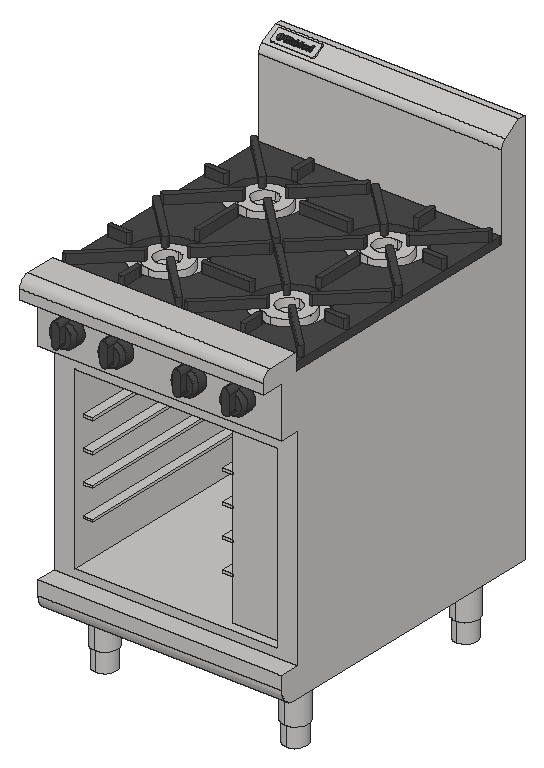
Revit family "QF_MOFFAT WALDORF_RN8400G-CB", category Specialty Equipment, Revit 2012
Parameters
  Weight in Pounds = 176.3696
  URL Cutsheet = "www.moffat.com"
  URL = "www.moffat.com"
  Type Mark [instance] = ""
  Status [instance] = ""
  Specification by User [instance] = ""
  Specification by Manufacturer = ""
  Show Logo [instance] = yes
  Show Casters [instance] = no
  Serial Number = ""
  Seismic Rating = ""
  SMACNA No = ""
  Revision Code [instance] = ""
  Omniclass Number and Title = ""
  NAFEM Spec ID Number = ""
  Model = "RN8400G-CB"
  Mechanical Remarks [instance] = ""
  Mechanical Connection Type [instance] = ""
  Masterspec = ""
  Manufacturer = "MOFFAT WALDORF"
  Legs [instance] = not(Show Casters)  # yes
  Item Number [instance] = ""
  Installed By [instance] = ""
  Identify Quantity as Lot [instance] = yes
  Gas Size = 3/4"
  Gas RI Height [instance] = 0 mm
  Gas KW [instance] = 31
  Gas Input [instance] = 106156.0 Btu/h
  Gas Connection Height = 0 mm
  Furnished By [instance] = ""
  Foodservice Equipment Identifier [instance] = yes
  Description = "COOK TOP GAS ON CABINET BASE"
  CSI MasterFormat = ""
  CSI Master Format = ""
Reference planes
  plane 1 "BACK": y = 0
  plane 2: z = 0
  plane 3 "LEFT": x = 0
  plane 4 "RIGHT": x = 600
  plane 5 "FRONT": y = -805
  plane 6 "TOP": z = 1130
  plane 7 "Center Y": x = 300
  plane 8 "Center X": y = -402.5
  plane 9: x = 65
  plane 10: x = 535
  plane 11: x = 65
  plane 12: x = 535
  plane 13: y = -100
  plane 14: x = 65.8
Forms (mm)
  Extrusion 1, solid, material "QF_Finishes_Stainless Steel"
    sketch origin (0, 0, 0) x (0, 1, 0) y (0, 0, 1)
      loop
        line (-805, 891) -> (-805, 866) -> (-749, 866) -> (-749, 740) -> (-120, 740) -> (-120, 222.5) -> (-749, 222.5) -> (-749, 188)
        arc (-749, 188) -> (-737.87, 161.13) -> (-711, 150) r 38
        line (-711, 150) -> (0, 150) -> (0, 1130) -> (-16.5, 1130) -> (-58.709, 1105.631)
        arc (-58.709, 1105.631) -> (-66.975, 1097.365) -> (-70, 1086.074) r 22.582
        line (-70, 1086.074) -> (-70, 875) -> (-705, 875) -> (-705, 915) -> (-781, 915)
        arc (-781, 915) -> (-797.971, 907.971) -> (-805, 891) r 24
    from 0 to 600
  Revolve 2, solid, material "QF_Finishes_Black"
    sketch origin (210, 0, 615) x (0, -1, 0) y (0, 0, 1)
      loop
        line (782, 229.605) -> (759, 229.605) -> (759, 202.105) -> (749, 202.105) -> (749, 197.105) -> (793, 197.105) -> (793, 223.757) -> (782, 229.605)
      axis (793, 197.105) -> (749, 197.105)
    angle from 0 to 360
  Extrusion 3, solid, material "QF_Finishes_Black"
    sketch origin (71.569, 0, 511.003) x (1, 0, 0) y (0, 0, 1)
      loop
        line (148.431, 289) -> (148.431, 327.997)
        arc (148.431, 327.997) -> (138.431, 337.997) -> (128.431, 327.997) r 10
        line (128.431, 327.997) -> (128.431, 289)
        arc (128.431, 289) -> (138.431, 279) -> (148.431, 289) r 10
    from 759 to 808
  Extrusion 4, solid, material "QF_Finishes_Stainless Steel"
    sketch origin (405.687, 3, 100) x (1, 0, 0) y (0, 1, 0)
      loop
        circle (65, -35) r 13.5
    from 555 to 640
  Revolve 5, solid, material "QF_Finishes_Black"
    sketch origin (89.999, 0, 614.873) x (0, 1, 0) y (0, 0, -1)
      loop
        line (-782, -229.5) -> (-759, -229.5) -> (-759, -202) -> (-749, -202) -> (-749, -197) -> (-793, -197) -> (-793, -223.651) -> (-782, -229.5)
      axis (-793, -197) -> (-749, -197)
    angle from 0 to 360
  Extrusion 6, solid, material "QF_Finishes_Black"
    sketch origin (228.269, 0, 615.031) x (-1, 0, 0) y (0, 0, -1)
      loop
        arc (148.269, -184.969) -> (138.269, -174.969) -> (128.269, -184.969) r 10
        line (128.269, -184.969) -> (128.269, -223.969)
        arc (128.269, -223.969) -> (138.269, -233.969) -> (148.269, -223.969) r 10
        line (148.269, -223.969) -> (148.269, -184.969)
    from 759 to 808
  Revolve 7, solid, material "QF_Finishes_Black"
    sketch origin (510, 0, 615) x (0, -1, 0) y (0, 0, 1)
      loop
        line (782, 229.605) -> (759, 229.605) -> (759, 202.105) -> (749, 202.105) -> (749, 197.105) -> (793, 197.105) -> (793, 223.757) -> (782, 229.605)
      axis (793, 197.105) -> (749, 197.105)
    angle from 0 to 360
  Extrusion 8, solid, material "QF_Finishes_Black"
    sketch origin (371.569, 0, 511.003) x (1, 0, 0) y (0, 0, 1)
      loop
        line (148.431, 289) -> (148.431, 327.997)
        arc (148.431, 327.997) -> (138.431, 337.997) -> (128.431, 327.997) r 10
        line (128.431, 327.997) -> (128.431, 289)
        arc (128.431, 289) -> (138.431, 279) -> (148.431, 289) r 10
    from 759 to 808
  Revolve 9, solid, material "QF_Finishes_Black"
    sketch origin (389.999, 0, 614.873) x (0, 1, 0) y (0, 0, -1)
      loop
        line (-782, -229.5) -> (-759, -229.5) -> (-759, -202) -> (-749, -202) -> (-749, -197) -> (-793, -197) -> (-793, -223.651) -> (-782, -229.5)
      axis (-793, -197) -> (-749, -197)
    angle from 0 to 360
  Extrusion 10, solid, material "QF_Finishes_Black"
    sketch origin (528.269, 0, 615.031) x (-1, 0, 0) y (0, 0, -1)
      loop
        arc (148.269, -184.969) -> (138.269, -174.969) -> (128.269, -184.969) r 10
        line (128.269, -184.969) -> (128.269, -223.969)
        arc (128.269, -223.969) -> (138.269, -233.969) -> (148.269, -223.969) r 10
        line (148.269, -223.969) -> (148.269, -184.969)
    from 759 to 808
  Extrusion 11, solid, material "QF_Finishes_Stainless Steel"
    sketch origin (0, 0, 0) x (1, 0, 0) y (0, 0, 1)
      loop
        line (0, 222.5) -> (600, 222.5) -> (600, 740) -> (0, 740) -> (0, 222.5)
      loop
        line (50, 685) -> (50, 242.5) -> (550, 242.5) -> (550, 685) -> (50, 685)
    from 120 to 699
  Extrusion 12, solid, material "QF_Finishes_Black"
    sketch origin (0, -70, 875) x (0, -1, 0) y (1, 0, 0)
      loop
        arc (1, 4) -> (1.879, 1.879) -> (4, 1) r 3
        line (4, 1) -> (631, 1)
        arc (631, 1) -> (633.121, 1.879) -> (634, 4) r 3
        line (634, 4) -> (634, 596)
        arc (634, 596) -> (633.121, 598.121) -> (631, 599) r 3
        line (631, 599) -> (4, 599)
        arc (4, 599) -> (1.879, 598.121) -> (1, 596) r 3
        line (1, 596) -> (1, 4)
      loop
        circle (167.5, 150) r 85
      loop
        circle (167.5, 450) r 85
      loop
        circle (467.768, 150) r 85
      loop
        circle (467.768, 450) r 85
    from 0 to 19.5
  Extrusion 13, solid, material "QF_Finishes_Black"
    sketch origin (0, -70, 894.5) x (0, -1, 0) y (1, 0, 0)
      loop
        spline (323.602, 15.153) -> (322.681, 13.924) -> (322.131, 12.47) -> (321.99, 10.89) -> (322.267, 9.292) -> (322.943, 7.786) -> (323.973, 6.473) -> (325.286, 5.443) -> (326.792, 4.767) -> (328.39, 4.49) -> (329.97, 4.631) -> (331.424, 5.181) -> (332.653, 6.102)
        line (332.653, 6.102) -> (440.576, 114.025)
        spline (440.576, 114.025) -> (441.337, 115.095) -> (441.738, 116.399) -> (441.751, 117.851) -> (441.375, 119.35) -> (440.637, 120.795) -> (439.586, 122.086) -> (438.295, 123.137) -> (436.85, 123.875) -> (435.351, 124.251) -> (433.899, 124.238) -> (432.595, 123.837) -> (431.525, 123.076)
        line (431.525, 123.076) -> (323.602, 15.153)
      loop
        line (611.398, 15.153) -> (503.475, 123.076)
        spline (503.475, 123.076) -> (502.405, 123.837) -> (501.101, 124.238) -> (499.649, 124.251) -> (498.15, 123.875) -> (496.705, 123.137) -> (495.414, 122.086) -> (494.363, 120.795) -> (493.625, 119.35) -> (493.249, 117.851) -> (493.262, 116.399) -> (493.663, 115.095) -> (494.424, 114.025)
        line (494.424, 114.025) -> (602.347, 6.102)
        spline (602.347, 6.102) -> (603.416, 5.341) -> (604.721, 4.941) -> (606.172, 4.928) -> (607.671, 5.303) -> (609.116, 6.041) -> (610.408, 7.092) -> (611.459, 8.384) -> (612.197, 9.829) -> (612.572, 11.328) -> (612.559, 12.779) -> (612.159, 14.084) -> (611.398, 15.153)
      loop
        spline (375.602, 143.6) -> (376.896, 143.818) -> (378.102, 144.457) -> (379.138, 145.475) -> (379.932, 146.8) -> (380.432, 148.344) -> (380.602, 150) -> (380.432, 151.656) -> (379.932, 153.2) -> (379.138, 154.525) -> (378.102, 155.543) -> (376.896, 156.182) -> (375.602, 156.4)
        line (375.602, 156.4) -> (259.398, 156.4)
        spline (259.398, 156.4) -> (258.104, 156.182) -> (256.898, 155.543) -> (255.862, 154.525) -> (255.068, 153.2) -> (254.568, 151.656) -> (254.398, 150) -> (254.568, 148.344) -> (255.068, 146.8) -> (255.862, 145.475) -> (256.898, 144.457) -> (258.104, 143.818) -> (259.398, 143.6)
        line (259.398, 143.6) -> (375.602, 143.6)
      loop
        spline (23.602, 15.153) -> (22.681, 13.924) -> (22.131, 12.47) -> (21.99, 10.89) -> (22.267, 9.292) -> (22.943, 7.786) -> (23.973, 6.473) -> (25.286, 5.443) -> (26.792, 4.767) -> (28.39, 4.49) -> (29.97, 4.631) -> (31.424, 5.181) -> (32.653, 6.102)
        line (32.653, 6.102) -> (140.576, 114.025)
        spline (140.576, 114.025) -> (141.337, 115.095) -> (141.738, 116.399) -> (141.751, 117.851) -> (141.375, 119.35) -> (140.637, 120.795) -> (139.586, 122.086) -> (138.295, 123.137) -> (136.85, 123.875) -> (135.351, 124.251) -> (133.899, 124.238) -> (132.595, 123.837) -> (131.525, 123.076)
        line (131.525, 123.076) -> (23.602, 15.153)
      loop
        line (311.398, 15.153) -> (203.475, 123.076)
        spline (203.475, 123.076) -> (202.405, 123.837) -> (201.101, 124.238) -> (199.649, 124.251) -> (198.15, 123.875) -> (196.705, 123.137) -> (195.414, 122.086) -> (194.363, 120.795) -> (193.625, 119.35) -> (193.249, 117.851) -> (193.262, 116.399) -> (193.663, 115.095) -> (194.424, 114.025)
        line (194.424, 114.025) -> (302.347, 6.102)
        spline (302.347, 6.102) -> (303.416, 5.341) -> (304.721, 4.941) -> (306.172, 4.928) -> (307.671, 5.303) -> (309.116, 6.041) -> (310.408, 7.092) -> (311.459, 8.384) -> (312.197, 9.829) -> (312.572, 11.328) -> (312.559, 12.779) -> (312.159, 14.084) -> (311.398, 15.153)
      loop
        line (323.602, 284.847) -> (431.525, 176.924)
        spline (431.525, 176.924) -> (432.595, 176.163) -> (433.899, 175.762) -> (435.351, 175.749) -> (436.85, 176.125) -> (438.295, 176.863) -> (439.586, 177.914) -> (440.637, 179.205) -> (441.375, 180.65) -> (441.751, 182.149) -> (441.738, 183.601) -> (441.337, 184.905) -> (440.576, 185.975)
        line (440.576, 185.975) -> (332.653, 293.898)
        spline (332.653, 293.898) -> (331.424, 294.819) -> (329.97, 295.369) -> (328.39, 295.51) -> (326.792, 295.233) -> (325.286, 294.557) -> (323.973, 293.527) -> (322.943, 292.214) -> (322.267, 290.708) -> (321.99, 289.11) -> (322.131, 287.53) -> (322.681, 286.076) -> (323.602, 284.847)
      loop
        spline (611.398, 284.847) -> (612.159, 285.916) -> (612.559, 287.221) -> (612.572, 288.672) -> (612.197, 290.171) -> (611.459, 291.616) -> (610.408, 292.908) -> (609.116, 293.959) -> (607.671, 294.697) -> (606.172, 295.072) -> (604.721, 295.059) -> (603.416, 294.659) -> (602.347, 293.898)
        line (602.347, 293.898) -> (494.424, 185.975)
        spline (494.424, 185.975) -> (493.663, 184.905) -> (493.262, 183.601) -> (493.249, 182.149) -> (493.625, 180.65) -> (494.363, 179.205) -> (495.414, 177.914) -> (496.705, 176.863) -> (498.15, 176.125) -> (499.649, 175.749) -> (501.101, 175.762) -> (502.405, 176.163) -> (503.475, 176.924)
        line (503.475, 176.924) -> (611.398, 284.847)
      loop
        spline (461.1, 241.898) -> (461.318, 240.604) -> (461.957, 239.398) -> (462.975, 238.362) -> (464.3, 237.568) -> (465.844, 237.068) -> (467.5, 236.898) -> (469.156, 237.068) -> (470.7, 237.568) -> (472.025, 238.362) -> (473.043, 239.398) -> (473.682, 240.604) -> (473.9, 241.898)
        line (473.9, 241.898) -> (473.9, 358.102)
        spline (473.9, 358.102) -> (473.682, 359.396) -> (473.043, 360.602) -> (472.025, 361.638) -> (470.7, 362.432) -> (469.156, 362.932) -> (467.5, 363.102) -> (465.844, 362.932) -> (464.3, 362.432) -> (462.975, 361.638) -> (461.957, 360.602) -> (461.318, 359.396) -> (461.1, 358.102)
        line (461.1, 358.102) -> (461.1, 241.898)
      loop
        line (23.602, 284.847) -> (131.525, 176.924)
        spline (131.525, 176.924) -> (132.595, 176.163) -> (133.899, 175.762) -> (135.351, 175.749) -> (136.85, 176.125) -> (138.295, 176.863) -> (139.586, 177.914) -> (140.637, 179.205) -> (141.375, 180.65) -> (141.751, 182.149) -> (141.738, 183.601) -> (141.337, 184.905) -> (140.576, 185.975)
        line (140.576, 185.975) -> (32.653, 293.898)
        spline (32.653, 293.898) -> (31.424, 294.819) -> (29.97, 295.369) -> (28.39, 295.51) -> (26.792, 295.233) -> (25.286, 294.557) -> (23.973, 293.527) -> (22.943, 292.214) -> (22.267, 290.708) -> (21.99, 289.11) -> (22.131, 287.53) -> (22.681, 286.076) -> (23.602, 284.847)
      loop
        spline (311.398, 284.847) -> (312.159, 285.916) -> (312.559, 287.221) -> (312.572, 288.672) -> (312.197, 290.171) -> (311.459, 291.616) -> (310.408, 292.908) -> (309.116, 293.959) -> (307.671, 294.697) -> (306.172, 295.072) -> (304.721, 295.059) -> (303.416, 294.659) -> (302.347, 293.898)
        line (302.347, 293.898) -> (194.424, 185.975)
        spline (194.424, 185.975) -> (193.663, 184.905) -> (193.262, 183.601) -> (193.249, 182.149) -> (193.625, 180.65) -> (194.363, 179.205) -> (195.414, 177.914) -> (196.705, 176.863) -> (198.15, 176.125) -> (199.649, 175.749) -> (201.101, 175.762) -> (202.405, 176.163) -> (203.475, 176.924)
        line (203.475, 176.924) -> (311.398, 284.847)
      loop
        spline (161.1, 241.898) -> (161.318, 240.604) -> (161.957, 239.398) -> (162.975, 238.362) -> (164.3, 237.568) -> (165.844, 237.068) -> (167.5, 236.898) -> (169.156, 237.068) -> (170.7, 237.568) -> (172.025, 238.362) -> (173.043, 239.398) -> (173.682, 240.604) -> (173.9, 241.898)
        line (173.9, 241.898) -> (173.9, 358.102)
        spline (173.9, 358.102) -> (173.682, 359.396) -> (173.043, 360.602) -> (172.025, 361.638) -> (170.7, 362.432) -> (169.156, 362.932) -> (167.5, 363.102) -> (165.844, 362.932) -> (164.3, 362.432) -> (162.975, 361.638) -> (161.957, 360.602) -> (161.318, 359.396) -> (161.1, 358.102)
        line (161.1, 358.102) -> (161.1, 241.898)
      loop
        line (323.602, 584.847) -> (431.525, 476.924)
        spline (431.525, 476.924) -> (432.595, 476.163) -> (433.899, 475.762) -> (435.351, 475.749) -> (436.85, 476.125) -> (438.295, 476.863) -> (439.586, 477.914) -> (440.637, 479.205) -> (441.375, 480.65) -> (441.751, 482.149) -> (441.738, 483.601) -> (441.337, 484.905) -> (440.576, 485.975)
        line (440.576, 485.975) -> (332.653, 593.898)
        spline (332.653, 593.898) -> (331.424, 594.819) -> (329.97, 595.369) -> (328.39, 595.51) -> (326.792, 595.233) -> (325.286, 594.557) -> (323.973, 593.527) -> (322.943, 592.214) -> (322.267, 590.708) -> (321.99, 589.11) -> (322.131, 587.53) -> (322.681, 586.076) -> (323.602, 584.847)
      loop
        spline (611.398, 584.847) -> (612.159, 585.916) -> (612.559, 587.221) -> (612.572, 588.672) -> (612.197, 590.171) -> (611.459, 591.616) -> (610.408, 592.908) -> (609.116, 593.959) -> (607.671, 594.697) -> (606.172, 595.072) -> (604.721, 595.059) -> (603.416, 594.659) -> (602.347, 593.898)
        line (602.347, 593.898) -> (494.424, 485.975)
        spline (494.424, 485.975) -> (493.663, 484.905) -> (493.262, 483.601) -> (493.249, 482.149) -> (493.625, 480.65) -> (494.363, 479.205) -> (495.414, 477.914) -> (496.705, 476.863) -> (498.15, 476.125) -> (499.649, 475.749) -> (501.101, 475.762) -> (502.405, 476.163) -> (503.475, 476.924)
        line (503.475, 476.924) -> (611.398, 584.847)
      loop
        line (375.602, 456.4) -> (259.398, 456.4)
        spline (259.398, 456.4) -> (258.104, 456.182) -> (256.898, 455.543) -> (255.862, 454.525) -> (255.068, 453.2) -> (254.568, 451.656) -> (254.398, 450) -> (254.568, 448.344) -> (255.068, 446.8) -> (255.862, 445.475) -> (256.898, 444.457) -> (258.104, 443.818) -> (259.398, 443.6)
        line (259.398, 443.6) -> (375.602, 443.6)
        spline (375.602, 443.6) -> (376.896, 443.818) -> (378.102, 444.457) -> (379.138, 445.475) -> (379.932, 446.8) -> (380.432, 448.344) -> (380.602, 450) -> (380.432, 451.656) -> (379.932, 453.2) -> (379.138, 454.525) -> (378.102, 455.543) -> (376.896, 456.182) -> (375.602, 456.4)
      loop
        line (23.602, 584.847) -> (131.525, 476.924)
        spline (131.525, 476.924) -> (132.595, 476.163) -> (133.899, 475.762) -> (135.351, 475.749) -> (136.85, 476.125) -> (138.295, 476.863) -> (139.586, 477.914) -> (140.637, 479.205) -> (141.375, 480.65) -> (141.751, 482.149) -> (141.738, 483.601) -> (141.337, 484.905) -> (140.576, 485.975)
        line (140.576, 485.975) -> (32.653, 593.898)
        spline (32.653, 593.898) -> (31.424, 594.819) -> (29.97, 595.369) -> (28.39, 595.51) -> (26.792, 595.233) -> (25.286, 594.557) -> (23.973, 593.527) -> (22.943, 592.214) -> (22.267, 590.708) -> (21.99, 589.11) -> (22.131, 587.53) -> (22.681, 586.076) -> (23.602, 584.847)
      loop
        spline (311.398, 584.847) -> (312.159, 585.916) -> (312.559, 587.221) -> (312.572, 588.672) -> (312.197, 590.171) -> (311.459, 591.616) -> (310.408, 592.908) -> (309.116, 593.959) -> (307.671, 594.697) -> (306.172, 595.072) -> (304.721, 595.059) -> (303.416, 594.659) -> (302.347, 593.898)
        line (302.347, 593.898) -> (194.424, 485.975)
        spline (194.424, 485.975) -> (193.663, 484.905) -> (193.262, 483.601) -> (193.249, 482.149) -> (193.625, 480.65) -> (194.363, 479.205) -> (195.414, 477.914) -> (196.705, 476.863) -> (198.15, 476.125) -> (199.649, 475.749) -> (201.101, 475.762) -> (202.405, 476.163) -> (203.475, 476.924)
        line (203.475, 476.924) -> (311.398, 584.847)
      loop
        spline (323.602, 315.153) -> (322.681, 313.924) -> (322.131, 312.47) -> (321.99, 310.89) -> (322.267, 309.292) -> (322.943, 307.786) -> (323.973, 306.473) -> (325.286, 305.443) -> (326.792, 304.767) -> (328.39, 304.49) -> (329.97, 304.631) -> (331.424, 305.181) -> (332.653, 306.102)
        line (332.653, 306.102) -> (440.576, 414.025)
        spline (440.576, 414.025) -> (441.337, 415.095) -> (441.738, 416.399) -> (441.751, 417.851) -> (441.375, 419.35) -> (440.637, 420.795) -> (439.586, 422.086) -> (438.295, 423.137) -> (436.85, 423.875) -> (435.351, 424.251) -> (433.899, 424.238) -> (432.595, 423.837) -> (431.525, 423.076)
        line (431.525, 423.076) -> (323.602, 315.153)
      loop
        line (611.398, 315.153) -> (503.475, 423.076)
        spline (503.475, 423.076) -> (502.405, 423.837) -> (501.101, 424.238) -> (499.649, 424.251) -> (498.15, 423.875) -> (496.705, 423.137) -> (495.414, 422.086) -> (494.363, 420.795) -> (493.625, 419.35) -> (493.249, 417.851) -> (493.262, 416.399) -> (493.663, 415.095) -> (494.424, 414.025)
        line (494.424, 414.025) -> (602.347, 306.102)
        spline (602.347, 306.102) -> (603.416, 305.341) -> (604.721, 304.941) -> (606.172, 304.928) -> (607.671, 305.303) -> (609.116, 306.041) -> (610.408, 307.092) -> (611.459, 308.384) -> (612.197, 309.829) -> (612.572, 311.328) -> (612.559, 312.779) -> (612.159, 314.084) -> (611.398, 315.153)
      loop
        spline (23.602, 315.153) -> (22.681, 313.924) -> (22.131, 312.47) -> (21.99, 310.89) -> (22.267, 309.292) -> (22.943, 307.786) -> (23.973, 306.473) -> (25.286, 305.443) -> (26.792, 304.767) -> (28.39, 304.49) -> (29.97, 304.631) -> (31.424, 305.181) -> (32.653, 306.102)
        line (32.653, 306.102) -> (140.576, 414.025)
        spline (140.576, 414.025) -> (141.337, 415.095) -> (141.738, 416.399) -> (141.751, 417.851) -> (141.375, 419.35) -> (140.637, 420.795) -> (139.586, 422.086) -> (138.295, 423.137) -> (136.85, 423.875) -> (135.351, 424.251) -> (133.899, 424.238) -> (132.595, 423.837) -> (131.525, 423.076)
        line (131.525, 423.076) -> (23.602, 315.153)
      loop
        line (311.398, 315.153) -> (203.475, 423.076)
        spline (203.475, 423.076) -> (202.405, 423.837) -> (201.101, 424.238) -> (199.649, 424.251) -> (198.15, 423.875) -> (196.705, 423.137) -> (195.414, 422.086) -> (194.363, 420.795) -> (193.625, 419.35) -> (193.249, 417.851) -> (193.262, 416.399) -> (193.663, 415.095) -> (194.424, 414.025)
        line (194.424, 414.025) -> (302.347, 306.102)
        spline (302.347, 306.102) -> (303.416, 305.341) -> (304.721, 304.941) -> (306.172, 304.928) -> (307.671, 305.303) -> (309.116, 306.041) -> (310.408, 307.092) -> (311.459, 308.384) -> (312.197, 309.829) -> (312.572, 311.328) -> (312.559, 312.779) -> (312.159, 314.084) -> (311.398, 315.153)
      loop
        spline (161.1, 9.398) -> (161.318, 8.104) -> (161.957, 6.898) -> (162.975, 5.862) -> (164.3, 5.068) -> (165.844, 4.568) -> (167.5, 4.398) -> (169.156, 4.568) -> (170.7, 5.068) -> (172.025, 5.862) -> (173.043, 6.898) -> (173.682, 8.104) -> (173.9, 9.398)
        line (173.9, 9.398) -> (173.9, 54.272)
        spline (173.9, 54.272) -> (173.682, 55.566) -> (173.043, 56.772) -> (172.025, 57.807) -> (170.7, 58.602) -> (169.156, 59.101) -> (167.5, 59.272) -> (165.844, 59.101) -> (164.3, 58.602) -> (162.975, 57.807) -> (161.957, 56.772) -> (161.318, 55.566) -> (161.1, 54.272)
        line (161.1, 54.272) -> (161.1, 9.398)
      loop
        spline (461.234, 9.398) -> (461.452, 8.104) -> (462.091, 6.898) -> (463.108, 5.862) -> (464.434, 5.068) -> (465.978, 4.568) -> (467.634, 4.398) -> (469.29, 4.568) -> (470.834, 5.068) -> (472.159, 5.862) -> (473.177, 6.898) -> (473.816, 8.104) -> (474.034, 9.398)
        line (474.034, 9.398) -> (474.034, 54.272)
        spline (474.034, 54.272) -> (473.816, 55.566) -> (473.177, 56.772) -> (472.159, 57.807) -> (470.834, 58.602) -> (469.29, 59.101) -> (467.634, 59.272) -> (465.978, 59.101) -> (464.434, 58.602) -> (463.108, 57.807) -> (462.091, 56.772) -> (461.452, 55.566) -> (461.234, 54.272)
        line (461.234, 54.272) -> (461.234, 9.398)
      loop
        line (161.1, 590.602) -> (161.1, 545.728)
        spline (161.1, 545.728) -> (161.318, 544.434) -> (161.957, 543.228) -> (162.975, 542.193) -> (164.3, 541.398) -> (165.844, 540.899) -> (167.5, 540.728) -> (169.156, 540.899) -> (170.7, 541.398) -> (172.025, 542.193) -> (173.043, 543.228) -> (173.682, 544.434) -> (173.9, 545.728)
        line (173.9, 545.728) -> (173.9, 590.602)
        spline (173.9, 590.602) -> (173.682, 591.896) -> (173.043, 593.102) -> (172.025, 594.138) -> (170.7, 594.932) -> (169.156, 595.432) -> (167.5, 595.602) -> (165.844, 595.432) -> (164.3, 594.932) -> (162.975, 594.138) -> (161.957, 593.102) -> (161.318, 591.896) -> (161.1, 590.602)
      loop
        line (461.234, 590.602) -> (461.234, 545.728)
        spline (461.234, 545.728) -> (461.452, 544.434) -> (462.091, 543.228) -> (463.108, 542.193) -> (464.434, 541.398) -> (465.978, 540.899) -> (467.634, 540.728) -> (469.29, 540.899) -> (470.834, 541.398) -> (472.159, 542.193) -> (473.177, 543.228) -> (473.816, 544.434) -> (474.034, 545.728)
        line (474.034, 545.728) -> (474.034, 590.602)
        spline (474.034, 590.602) -> (473.816, 591.896) -> (473.177, 593.102) -> (472.159, 594.138) -> (470.834, 594.932) -> (469.29, 595.432) -> (467.634, 595.602) -> (465.978, 595.432) -> (464.434, 594.932) -> (463.108, 594.138) -> (462.091, 593.102) -> (461.452, 591.896) -> (461.234, 590.602)
      loop
        spline (75.602, 143.6) -> (76.896, 143.818) -> (78.102, 144.457) -> (79.138, 145.475) -> (79.932, 146.8) -> (80.432, 148.344) -> (80.602, 150) -> (80.432, 151.656) -> (79.932, 153.2) -> (79.138, 154.525) -> (78.102, 155.543) -> (76.896, 156.182) -> (75.602, 156.4)
        line (75.602, 156.4) -> (27.189, 156.4)
        spline (27.189, 156.4) -> (25.895, 156.182) -> (24.689, 155.543) -> (23.653, 154.525) -> (22.859, 153.2) -> (22.359, 151.656) -> (22.189, 150) -> (22.359, 148.344) -> (22.859, 146.8) -> (23.653, 145.475) -> (24.689, 144.457) -> (25.895, 143.818) -> (27.189, 143.6)
        line (27.189, 143.6) -> (75.602, 143.6)
      loop
        spline (75.602, 443.624) -> (76.896, 443.842) -> (78.102, 444.481) -> (79.138, 445.498) -> (79.932, 446.824) -> (80.432, 448.367) -> (80.602, 450.024) -> (80.432, 451.68) -> (79.932, 453.224) -> (79.138, 454.549) -> (78.102, 455.566) -> (76.896, 456.206) -> (75.602, 456.424)
        line (75.602, 456.424) -> (27.189, 456.424)
        spline (27.189, 456.424) -> (25.895, 456.206) -> (24.689, 455.566) -> (23.653, 454.549) -> (22.859, 453.224) -> (22.359, 451.68) -> (22.189, 450.024) -> (22.359, 448.367) -> (22.859, 446.824) -> (23.653, 445.498) -> (24.689, 444.481) -> (25.895, 443.842) -> (27.189, 443.624)
        line (27.189, 443.624) -> (75.602, 443.624)
      loop
        spline (608.727, 143.6) -> (610.021, 143.818) -> (611.227, 144.457) -> (612.263, 145.475) -> (613.057, 146.8) -> (613.557, 148.344) -> (613.727, 150) -> (613.557, 151.656) -> (613.057, 153.2) -> (612.263, 154.525) -> (611.227, 155.543) -> (610.021, 156.182) -> (608.727, 156.4)
        line (608.727, 156.4) -> (560.314, 156.4)
        spline (560.314, 156.4) -> (559.02, 156.182) -> (557.814, 155.543) -> (556.778, 154.525) -> (555.984, 153.2) -> (555.484, 151.656) -> (555.314, 150) -> (555.484, 148.344) -> (555.984, 146.8) -> (556.778, 145.475) -> (557.814, 144.457) -> (559.02, 143.818) -> (560.314, 143.6)
        line (560.314, 143.6) -> (608.727, 143.6)
      loop
        spline (608.727, 443.624) -> (610.021, 443.842) -> (611.227, 444.481) -> (612.263, 445.498) -> (613.057, 446.824) -> (613.557, 448.367) -> (613.727, 450.024) -> (613.557, 451.68) -> (613.057, 453.224) -> (612.263, 454.549) -> (611.227, 455.566) -> (610.021, 456.206) -> (608.727, 456.424)
        line (608.727, 456.424) -> (560.314, 456.424)
        spline (560.314, 456.424) -> (559.02, 456.206) -> (557.814, 455.566) -> (556.778, 454.549) -> (555.984, 453.224) -> (555.484, 451.68) -> (555.314, 450.024) -> (555.484, 448.367) -> (555.984, 446.824) -> (556.778, 445.498) -> (557.814, 444.481) -> (559.02, 443.842) -> (560.314, 443.624)
        line (560.314, 443.624) -> (608.727, 443.624)
    from 0 to 23.5
  Revolve 14, solid, material "QF_Finishes_Stainless Steel", visible <- "Legs"
    sketch origin (65, -165, 0) x (0, 1, 0) y (0, 0, 1)
      loop
        line (33.25, 150) -> (33.25, 50) -> (37.5, 50) -> (37.5, 0) -> (65, 0) -> (65, 150) -> (33.25, 150)
      axis (65, 150) -> (65, 0)
    angle from 0 to 360
  Revolve 15, solid, material "QF_Finishes_Stainless Steel"
    sketch origin (65, -735, 0) x (0, 1, 0) y (0, 0, 1)
      loop
        line (78.25, 150) -> (78.25, 50) -> (82.5, 50) -> (82.5, 0) -> (110, 0) -> (110, 150) -> (78.25, 150)
      axis (110, 150) -> (110, 0)
    angle from 0 to 360
  Revolve 16, solid, material "QF_Finishes_Stainless Steel"
    sketch origin (535, -735, 0) x (0, 1, 0) y (0, 0, -1)
      loop
        line (78.25, -150) -> (110, -150) -> (110, 0) -> (82.5, 0) -> (82.5, -50) -> (78.25, -50) -> (78.25, -150)
      axis (110, -150) -> (110, 0)
    angle from 0 to 360
  Revolve 17, solid, material "QF_Finishes_Stainless Steel", visible <- "Legs"
    sketch origin (535, -165, 0) x (0, 1, 0) y (0, 0, -1)
      loop
        line (33.25, -150) -> (65, -150) -> (65, 0) -> (37.5, 0) -> (37.5, -50) -> (33.25, -50) -> (33.25, -150)
      axis (65, -150) -> (65, 0)
    angle from 0 to 360
  Extrusion 18, void
    sketch origin (0, 0, 0) x (1, 0, 0) y (0, 1, 0)
      loop
        line (535.614, -87.26) -> (535.614, 30.24) -> (406.114, 30.24) -> (406.114, -38.76) -> (454.614, -87.26) -> (535.614, -87.26)
    from 222.5 to 740
  Extrusion 19, solid, material "QF_Finishes_Stainless Steel"
    sketch origin (0, -120, 150) x (0, 0, 1) y (-1, 0, 0)
      loop
        line (268.75, -50) -> (268.75, -75) -> (275.1, -75) -> (275.1, -50) -> (268.75, -50)
      loop
        line (350.1, -75) -> (350.1, -50) -> (343.75, -50) -> (343.75, -75) -> (350.1, -75)
      loop
        line (193.75, -50) -> (193.75, -75) -> (200.1, -75) -> (200.1, -50) -> (193.75, -50)
      loop
        line (425.1, -75) -> (425.1, -50) -> (418.75, -50) -> (418.75, -75) -> (425.1, -75)
      loop
        line (268.75, -419.5) -> (275.1, -419.5) -> (275.1, -394.5) -> (268.75, -394.5) -> (268.75, -419.5)
      loop
        line (350.1, -394.5) -> (343.75, -394.5) -> (343.75, -419.5) -> (350.1, -419.5) -> (350.1, -394.5)
      loop
        line (193.75, -419.5) -> (200.1, -419.5) -> (200.1, -394.5) -> (193.75, -394.5) -> (193.75, -419.5)
      loop
        line (425.1, -394.5) -> (418.75, -394.5) -> (418.75, -419.5) -> (425.1, -419.5) -> (425.1, -394.5)
    from 0 to 554
  Extrusion 20, solid, material "QF_Finishes_Stainless Steel"
    sketch origin (0, -120, 150) x (0, 0, 1) y (-1, 0, 0)
      loop
        line (535, -550) -> (535, -419.5) -> (92.5, -419.5) -> (92.5, -550) -> (535, -550)
    from 546.898 to 554
  Extrusion 21, solid, material "QF_Finishes_Stainless Steel"
    sketch origin (0, -70, 875) x (0, -1, 0) y (1, 0, 0)
      loop
        circle (167.5, 150) r 57
      loop
        circle (167.5, 450) r 57
      loop
        circle (467.5, 150) r 57
      loop
        circle (467.5, 450) r 57
      loop
        circle (167.5, 150) r 30
      loop
        circle (167.5, 450) r 30
      loop
        circle (467.5, 450) r 30
      loop
        circle (467.5, 150) r 30
    from 0 to 20
Cuts and joins
  joined: Revolve 2, Extrusion 3
  joined: Revolve 5, Extrusion 6
  Extrusion 18 cuts Extrusion 1
  joined: Extrusion 1, Extrusion 11
Lines and regions (mm)
  Split face 1
    outline origin (22.5, -19.748, 1128.125) x (0, -0.866025, -0.5) y (1, 0, 0)
      loop
        line (1.427, 105.5) -> (35.836, 105.5) -> (35.836, 125.5) -> (1.427, 125.5) -> (1.427, 105.5)
  Split face 2
    outline origin (49.289, -19.748, 1128.125) x (0, -0.866025, -0.5) y (1, 0, 0)
      loop
        line (1.427, 105.5) -> (35.836, 105.5) -> (35.836, 125.5) -> (1.427, 125.5) -> (1.427, 105.5)
  Split face 3
    outline origin (76.967, -19.748, 1128.125) x (0, -0.866025, -0.5) y (1, 0, 0)
      loop
        line (1.427, 105.5) -> (35.836, 105.5) -> (35.836, 125.5) -> (1.427, 125.5) -> (1.427, 105.5)
  Split face 4
    outline origin (103.591, -19.748, 1128.125) x (0, -0.866025, -0.5) y (1, 0, 0)
      loop
        line (1.427, 105.5) -> (35.836, 105.5) -> (35.836, 125.5) -> (1.427, 125.5) -> (1.427, 105.5)
  Split face 5
    outline origin (130.215, -19.748, 1128.125) x (0, -0.866025, -0.5) y (1, 0, 0)
      loop
        line (1.427, 105.5) -> (35.836, 105.5) -> (35.836, 125.5) -> (1.427, 125.5) -> (1.427, 105.5)
  Split face 6
    outline origin (157.366, -19.748, 1128.125) x (0, -0.866025, -0.5) y (1, 0, 0)
      loop
        line (1.427, 105.5) -> (35.836, 105.5) -> (35.836, 125.5) -> (1.427, 125.5) -> (1.427, 105.5)
  Split face 7
    outline origin (184.781, -19.748, 1128.125) x (0, -0.866025, -0.5) y (1, 0, 0)
      loop
        line (1.427, 105.5) -> (35.836, 105.5) -> (35.836, 125.5) -> (1.427, 125.5) -> (1.427, 105.5)
  Split face 8
    outline origin (211.405, -19.748, 1128.125) x (0, -0.866025, -0.5) y (1, 0, 0)
      loop
        line (1.427, 105.5) -> (35.836, 105.5) -> (35.836, 125.5) -> (1.427, 125.5) -> (1.427, 105.5)
  Split face 9
    outline origin (238.292, -19.748, 1128.125) x (0, -0.866025, -0.5) y (1, 0, 0)
      loop
        line (1.427, 105.5) -> (35.836, 105.5) -> (35.836, 125.5) -> (1.427, 125.5) -> (1.427, 105.5)
  Split face 10
    outline origin (265.971, -19.748, 1128.125) x (0, -0.866025, -0.5) y (1, 0, 0)
      loop
        line (1.427, 105.5) -> (35.836, 105.5) -> (35.836, 125.5) -> (1.427, 125.5) -> (1.427, 105.5)
  Split face 11
    outline origin (292.533, -19.748, 1128.125) x (0, -0.866025, -0.5) y (1, 0, 0)
      loop
        line (1.427, 105.5) -> (35.836, 105.5) -> (35.836, 125.5) -> (1.427, 125.5) -> (1.427, 105.5)
  Split face 12
    outline origin (319.444, -19.748, 1128.125) x (0, -0.866025, -0.5) y (1, 0, 0)
      loop
        line (1.427, 105.5) -> (35.836, 105.5) -> (35.836, 125.5) -> (1.427, 125.5) -> (1.427, 105.5)
  Split face 13
    outline origin (346.271, -19.748, 1128.125) x (0, -0.866025, -0.5) y (1, 0, 0)
      loop
        line (1.427, 105.5) -> (35.836, 105.5) -> (35.836, 125.5) -> (1.427, 125.5) -> (1.427, 105.5)
  symbolic lines
    curve 1: line (0, 0, 0) -> (0, -805, 0)
    curve 2: line (600, 0, 0) -> (0, 0, 0)
    curve 3: line (600, -805, 0) -> (600, 0, 0)
    curve 4: line (0, -805, 0) -> (600, -805, 0)
    curve 9: line (600, -705, 0) -> (0, -705, 0)
    curve 10: line (300, -70, 0) -> (300, -705, 0)
    curve 11: line (128, -50.782, 0) -> (128, -20.984, 0)
    curve 12: line (128, -20.984, 0) -> (148, -20.984, 0)
    curve 13: line (148, -20.984, 0) -> (148, -50.782, 0)
    curve 14: line (148, -50.782, 0) -> (128, -50.782, 0)
    curve 15: line (154.789, -50.782, 0) -> (154.789, -20.984, 0)
    curve 16: line (154.789, -20.984, 0) -> (174.789, -20.984, 0)
    curve 17: line (174.789, -20.984, 0) -> (174.789, -50.782, 0)
    curve 18: line (174.789, -50.782, 0) -> (154.789, -50.782, 0)
    curve 19: line (182.467, -20.984, 0) -> (202.467, -20.984, 0)
    curve 20: line (202.467, -20.984, 0) -> (202.467, -50.782, 0)
    curve 21: line (202.467, -50.782, 0) -> (182.467, -50.782, 0)
    curve 22: line (182.467, -50.782, 0) -> (182.467, -20.984, 0)
    curve 23: line (229.091, -20.984, 0) -> (209.091, -20.984, 0)
    curve 24: line (209.091, -20.984, 0) -> (209.091, -50.782, 0)
    curve 25: line (209.091, -50.782, 0) -> (229.091, -50.782, 0)
    curve 26: line (229.091, -50.782, 0) -> (229.091, -20.984, 0)
    curve 27: line (255.715, -20.984, 0) -> (235.715, -20.984, 0)
    curve 28: line (235.715, -20.984, 0) -> (235.715, -50.782, 0)
    curve 29: line (235.715, -50.782, 0) -> (255.715, -50.782, 0)
    curve 30: line (255.715, -50.782, 0) -> (255.715, -20.984, 0)
    curve 31: line (282.866, -20.984, 0) -> (262.866, -20.984, 0)
    curve 32: line (262.866, -20.984, 0) -> (262.866, -50.782, 0)
    curve 33: line (262.866, -50.782, 0) -> (282.866, -50.782, 0)
    curve 34: line (282.866, -50.782, 0) -> (282.866, -20.984, 0)
    curve 35: line (310.281, -20.984, 0) -> (290.281, -20.984, 0)
    curve 36: line (290.281, -20.984, 0) -> (290.281, -50.782, 0)
    curve 37: line (290.281, -50.782, 0) -> (310.281, -50.782, 0)
    curve 38: line (310.281, -50.782, 0) -> (310.281, -20.984, 0)
    curve 39: line (316.905, -20.984, 0) -> (336.905, -20.984, 0)
    curve 40: line (336.905, -20.984, 0) -> (336.905, -50.782, 0)
    curve 41: line (336.905, -50.782, 0) -> (316.905, -50.782, 0)
    curve 42: line (316.905, -50.782, 0) -> (316.905, -20.984, 0)
    curve 43: line (363.792, -20.984, 0) -> (343.792, -20.984, 0)
    curve 44: line (343.792, -20.984, 0) -> (343.792, -50.782, 0)
    curve 45: line (343.792, -50.782, 0) -> (363.792, -50.782, 0)
    curve 46: line (363.792, -50.782, 0) -> (363.792, -20.984, 0)
    curve 47: line (371.471, -50.782, 0) -> (391.471, -50.782, 0)
    curve 48: line (391.471, -50.782, 0) -> (391.471, -20.984, 0)
    curve 49: line (391.471, -20.984, 0) -> (371.471, -20.984, 0)
    curve 50: line (371.471, -20.984, 0) -> (371.471, -50.782, 0)
    curve 51: line (398.033, -50.782, 0) -> (418.033, -50.782, 0)
    curve 52: line (418.033, -50.782, 0) -> (418.033, -20.984, 0)
    curve 53: line (418.033, -20.984, 0) -> (398.033, -20.984, 0)
    curve 54: line (398.033, -20.984, 0) -> (398.033, -50.782, 0)
    curve 55: line (444.944, -50.782, 0) -> (424.944, -50.782, 0)
    curve 56: line (424.944, -50.782, 0) -> (424.944, -20.984, 0)
    curve 57: line (424.944, -20.984, 0) -> (444.944, -20.984, 0)
    curve 58: line (444.944, -20.984, 0) -> (444.944, -50.782, 0)
    curve 59: line (451.771, -50.782, 0) -> (471.771, -50.782, 0)
    curve 60: line (471.771, -50.782, 0) -> (471.771, -20.984, 0)
    curve 61: line (471.771, -20.984, 0) -> (451.771, -20.984, 0)
    curve 62: line (451.771, -20.984, 0) -> (451.771, -50.782, 0)
    curve 63: arc (150, -180.5, 0) -> (93, -237.5, 0) -> (150, -294.5, 0) r 57
    curve 64: arc (150, -294.5, 0) -> (207, -237.5, 0) -> (150, -180.5, 0) r 57
    curve 65: arc (450, -180.5, 0) -> (393, -237.5, 0) -> (450, -294.5, 0) r 57
    curve 66: arc (450, -294.5, 0) -> (507, -237.5, 0) -> (450, -180.5, 0) r 57
    curve 67: arc (150, -480.5, 0) -> (93, -537.5, 0) -> (150, -594.5, 0) r 57
    curve 68: arc (150, -594.5, 0) -> (207, -537.5, 0) -> (150, -480.5, 0) r 57
    curve 69: arc (450, -480.5, 0) -> (393, -537.5, 0) -> (450, -594.5, 0) r 57
    curve 70: arc (450, -594.5, 0) -> (507, -537.5, 0) -> (450, -480.5, 0) r 57
    curve 71: line (5.842, -93.966, 0) -> (121.036, -209.16, 0)
    curve 72: line (149.988, -91.33, 0) -> (149.988, -152.5, 0)
    curve 73: line (4.26, -237.366, 0) -> (64.26, -237.366, 0)
    curve 74: line (121.121, -265.113, 0) -> (6.585, -379.648, 0)
    curve 75: line (177.796, -265.64, 0) -> (292.595, -380.439, 0)
    curve 76: line (149.988, -322.5, 0) -> (149.988, -384.423, 0)
    curve 77: line (176.788, -209.684, 0) -> (292.899, -93.573, 0)
    curve 78: line (594.158, -93.966, 0) -> (478.964, -209.16, 0)
    curve 79: line (450.012, -91.33, 0) -> (450.012, -152.5, 0)
    curve 80: line (595.74, -237.366, 0) -> (535.74, -237.366, 0)
    curve 81: line (478.879, -265.113, 0) -> (593.415, -379.648, 0)
    curve 82: line (422.204, -265.64, 0) -> (307.405, -380.439, 0)
    curve 83: line (450.012, -322.5, 0) -> (450.012, -384.423, 0)
    curve 84: line (358.238, -236.771, 0) -> (242.49, -236.771, 0)
    curve 85: line (423.212, -209.684, 0) -> (307.101, -93.573, 0)
    curve 86: line (5.842, -681.034, 0) -> (121.036, -565.84, 0)
    curve 87: line (149.988, -683.67, 0) -> (149.988, -622.768, 0)
    curve 88: line (4.26, -537.634, 0) -> (64.26, -537.634, 0)
    curve 89: line (121.121, -509.887, 0) -> (6.585, -395.352, 0)
    curve 90: line (177.796, -509.36, 0) -> (292.595, -394.561, 0)
    curve 91: line (149.988, -452.768, 0) -> (149.988, -390.577, 0)
    curve 92: line (176.788, -565.316, 0) -> (292.899, -681.427, 0)
    curve 93: line (594.158, -681.034, 0) -> (478.964, -565.84, 0)
    curve 94: line (450.012, -683.67, 0) -> (450.012, -622.768, 0)
    curve 95: line (595.74, -537.634, 0) -> (535.74, -537.634, 0)
    curve 96: line (478.879, -509.887, 0) -> (593.415, -395.352, 0)
    curve 97: line (422.204, -509.36, 0) -> (307.405, -394.561, 0)
    curve 98: line (450.012, -452.768, 0) -> (450.012, -390.577, 0)
    curve 99: line (362.613, -538.229, 0) -> (237.613, -538.229, 0)
    curve 100: line (423.212, -565.316, 0) -> (307.101, -681.427, 0)
    curve 101: line (0, -70, 0) -> (600, -70, 0)
    curve 102: line (0, -387.5, 0) -> (600, -387.5, 0)
    curve 103: arc (149.988, -152.5, 0) -> (234.988, -237.5, 0) -> (149.988, -322.5, 0) r 85
    curve 104: arc (149.988, -322.5, 0) -> (64.988, -237.5, 0) -> (149.988, -152.5, 0) r 85
    curve 105: arc (450.012, -322.5, 0) -> (365.012, -237.5, 0) -> (450.012, -152.5, 0) r 85
    curve 106: arc (450.012, -152.5, 0) -> (535.012, -237.5, 0) -> (450.012, -322.5, 0) r 85
    curve 107: arc (149.988, -452.768, 0) -> (234.988, -537.768, 0) -> (149.988, -622.768, 0) r 85
    curve 108: arc (149.988, -622.768, 0) -> (64.988, -537.768, 0) -> (149.988, -452.768, 0) r 85
    curve 109: arc (450.012, -622.768, 0) -> (365.012, -537.768, 0) -> (450.012, -452.768, 0) r 85
    curve 110: arc (450.012, -452.768, 0) -> (535.012, -537.768, 0) -> (450.012, -622.768, 0) r 85
    curve 111: arc (150, -267.5, 0) -> (120, -237.5, 0) -> (150, -207.5, 0) r 30
    curve 112: arc (150, -207.5, 0) -> (180, -237.5, 0) -> (150, -267.5, 0) r 30
    curve 113: arc (450, -267.5, 0) -> (420, -237.5, 0) -> (450, -207.5, 0) r 30
    curve 114: arc (450, -207.5, 0) -> (480, -237.5, 0) -> (450, -267.5, 0) r 30
    curve 115: arc (150, -567.5, 0) -> (120, -537.5, 0) -> (150, -507.5, 0) r 30
    curve 116: arc (150, -507.5, 0) -> (180, -537.5, 0) -> (150, -567.5, 0) r 30
    curve 117: arc (450, -567.5, 0) -> (420, -537.5, 0) -> (450, -507.5, 0) r 30
    curve 118: arc (450, -507.5, 0) -> (480, -537.5, 0) -> (450, -567.5, 0) r 30
  symbolic lines, visible <- "Show Logo"
    curve 5: line (12.5, -51.234, 0) -> (12.5, -20.958, 0)
    curve 6: line (12.5, -20.958, 0) -> (121.5, -20.958, 0)
    curve 7: line (12.5, -51.234, 0) -> (121.5, -51.234, 0)
    curve 8: line (121.5, -20.958, 0) -> (121.5, -51.234, 0)
Dimensions and locks
  equal spacing: plane 3 "LEFT", plane 7 "Center Y", plane 4 "RIGHT"
  plane 3 "LEFT" to plane 4 "RIGHT" = 600 mm
  equal spacing: plane 5 "FRONT", plane 8 "Center X", plane 1 "BACK"
  plane 5 "FRONT" to plane 1 "BACK" = 805 mm  (x2)
  equal spacing: plane 4 "RIGHT", plane 7 "Center Y", plane 3 "LEFT"
  plane 4 "RIGHT" to plane 3 "LEFT" = 600 mm
  plane 6 "TOP" to level = 1130 mm  (x2)
  Extrusion 4 to level = 655 mm
  Extrusion 4 to plane 1 "BACK" = 32 mm
  Extrusion 1 to level = 915 mm
  Extrusion 12 sketch curve to plane 14 = 64.8 mm
  aligned and locked: level to plane 2
  aligned and locked: curve 3 to plane 4 "RIGHT"
Automatic sketch dimensions
  Revolve 2 sketch curve to plane 5 "FRONT" = 56 mm
  Revolve 2 sketch curve to Revolve 2 sketch curve = 10 mm
  Revolve 2 sketch curve to Revolve 2 sketch curve = 21.3 mm
  Revolve 2 sketch curve to Revolve 2 sketch curve = 23 mm
  Revolve 2 sketch curve to plane 5 "FRONT" = 12 mm
  Revolve 2 sketch curve to Revolve 2 sketch curve = 0 mm  (x2)
  Revolve 2 sketch curve to plane 6 "TOP" = 317.895 mm
  Revolve 2 sketch curve to Revolve 2 sketch curve = 5 mm
  Revolve 2 sketch curve to Revolve 2 sketch curve = 26.651 mm
  Revolve 2 sketch curve to Revolve 2 sketch curve = 5.849 mm
  Extrusion 3 sketch curve to plane 7 "Center Y" = 100 mm
  Extrusion 3 sketch curve to Extrusion 3 sketch curve = 10 mm
  Extrusion 3 sketch curve to plane 6 "TOP" = 329.997 mm
  Extrusion 3 sketch curve to Extrusion 3 sketch curve = 38.997 mm
  plane 1 "BACK" to Extrusion 4 sketch curve = 32 mm
  plane 10 to Extrusion 4 sketch curve = 64.312 mm
  Revolve 5 sketch curve to plane 5 "FRONT" = 12 mm
  Revolve 5 sketch curve to Revolve 5 sketch curve = 0 mm  (x2)
  Revolve 5 sketch curve to Revolve 5 sketch curve = 11 mm
  Revolve 5 sketch curve to Revolve 5 sketch curve = 12.7 mm
  Revolve 5 sketch curve to Revolve 5 sketch curve = 23 mm
  Revolve 5 sketch curve to Revolve 5 sketch curve = 10 mm
  Revolve 5 sketch curve to plane 6 "TOP" = 285.627 mm
  Revolve 5 sketch curve to Revolve 5 sketch curve = 5.849 mm
  Revolve 5 sketch curve to Revolve 5 sketch curve = 27.5 mm
  Revolve 5 sketch curve to Revolve 5 sketch curve = 5 mm
  plane 9 to Extrusion 6 sketch curve = 35 mm
  Extrusion 6 sketch curve to Extrusion 6 sketch curve = 10 mm
  Extrusion 6 sketch curve to plane 6 "TOP" = 291 mm
  Extrusion 6 sketch curve to Extrusion 6 sketch curve = 39 mm
  Extrusion 1 to Split face 1 sketch curve = 5.177 mm
  Split face 1 sketch curve to Extrusion 1 = 9.153 mm
  Split face 1 sketch curve to Extrusion 1 = 128 mm
  Split face 1 sketch curve to Split face 1 sketch curve = 20 mm
  Extrusion 1 to Split face 2 sketch curve = 5.177 mm
  Split face 2 sketch curve to Extrusion 1 = 9.153 mm
  Split face 2 sketch curve to Extrusion 1 = 154.789 mm
  Split face 2 sketch curve to Split face 2 sketch curve = 20 mm
  Extrusion 1 to Split face 3 sketch curve = 5.177 mm
  Split face 3 sketch curve to Extrusion 1 = 9.153 mm
  Split face 3 sketch curve to Extrusion 1 = 182.467 mm
  Split face 3 sketch curve to Split face 3 sketch curve = 20 mm
  Extrusion 1 to Split face 4 sketch curve = 5.177 mm
  Split face 4 sketch curve to Extrusion 1 = 9.153 mm
  Split face 4 sketch curve to Extrusion 1 = 209.091 mm
  Split face 4 sketch curve to Split face 4 sketch curve = 20 mm
  Extrusion 1 to Split face 5 sketch curve = 5.177 mm
  Split face 5 sketch curve to Extrusion 1 = 9.153 mm
  Split face 5 sketch curve to Extrusion 1 = 235.715 mm
  Split face 5 sketch curve to Split face 5 sketch curve = 20 mm
  Extrusion 1 to Split face 6 sketch curve = 5.177 mm
  Split face 6 sketch curve to Extrusion 1 = 9.153 mm
  Split face 6 sketch curve to Extrusion 1 = 262.866 mm
  Split face 6 sketch curve to Split face 6 sketch curve = 20 mm
  Extrusion 1 to Split face 7 sketch curve = 5.177 mm
  Split face 7 sketch curve to Extrusion 1 = 9.153 mm
  Split face 7 sketch curve to Extrusion 1 = 290.281 mm
  Split face 7 sketch curve to Split face 7 sketch curve = 20 mm
  Extrusion 1 to Split face 8 sketch curve = 5.177 mm
  Split face 8 sketch curve to Extrusion 1 = 9.153 mm
  Split face 8 sketch curve to Extrusion 1 = 283.095 mm
  Split face 8 sketch curve to Split face 8 sketch curve = 20 mm
  Extrusion 1 to Split face 9 sketch curve = 5.177 mm
  Split face 9 sketch curve to Extrusion 1 = 9.153 mm
  Split face 9 sketch curve to Extrusion 1 = 256.208 mm
  Split face 9 sketch curve to Split face 9 sketch curve = 20 mm
  Extrusion 1 to Split face 10 sketch curve = 5.177 mm
  Split face 10 sketch curve to Extrusion 1 = 9.153 mm
  Split face 10 sketch curve to Extrusion 1 = 228.529 mm
  Split face 10 sketch curve to Split face 10 sketch curve = 20 mm
  Extrusion 1 to Split face 11 sketch curve = 5.177 mm
  Split face 11 sketch curve to Extrusion 1 = 9.153 mm
  Split face 11 sketch curve to Extrusion 1 = 201.967 mm
  Split face 11 sketch curve to Split face 11 sketch curve = 20 mm
  Extrusion 1 to Split face 12 sketch curve = 5.177 mm
  Split face 12 sketch curve to Extrusion 1 = 9.153 mm
  Split face 12 sketch curve to Extrusion 1 = 175.056 mm
  Split face 12 sketch curve to Split face 12 sketch curve = 20 mm
  Extrusion 1 to Split face 13 sketch curve = 5.177 mm
  Split face 13 sketch curve to Extrusion 1 = 9.153 mm
  Split face 13 sketch curve to Extrusion 1 = 148.229 mm
  Split face 13 sketch curve to Split face 13 sketch curve = 20 mm
  Revolve 7 sketch curve to plane 5 "FRONT" = 56 mm
  Revolve 7 sketch curve to Revolve 7 sketch curve = 10 mm
  Revolve 7 sketch curve to Revolve 7 sketch curve = 21.3 mm
  Revolve 7 sketch curve to Revolve 7 sketch curve = 23 mm
  Revolve 7 sketch curve to plane 5 "FRONT" = 12 mm
  Revolve 7 sketch curve to Revolve 7 sketch curve = 0 mm  (x2)
  Revolve 7 sketch curve to plane 6 "TOP" = 317.895 mm
  Revolve 7 sketch curve to Revolve 7 sketch curve = 5 mm
  Revolve 7 sketch curve to Revolve 7 sketch curve = 26.651 mm
  Revolve 7 sketch curve to Revolve 7 sketch curve = 5.849 mm
  plane 10 to Extrusion 8 sketch curve = 35 mm
  Extrusion 8 sketch curve to Extrusion 8 sketch curve = 10 mm
  Extrusion 8 sketch curve to plane 6 "TOP" = 329.997 mm
  Extrusion 8 sketch curve to Extrusion 8 sketch curve = 38.997 mm
  Revolve 9 sketch curve to plane 5 "FRONT" = 12 mm
  Revolve 9 sketch curve to Revolve 9 sketch curve = 0 mm  (x2)
  Revolve 9 sketch curve to Revolve 9 sketch curve = 11 mm
  Revolve 9 sketch curve to Revolve 9 sketch curve = 12.7 mm
  Revolve 9 sketch curve to Revolve 9 sketch curve = 23 mm
  Revolve 9 sketch curve to Revolve 9 sketch curve = 10 mm
  Revolve 9 sketch curve to plane 6 "TOP" = 285.627 mm
  Revolve 9 sketch curve to Revolve 9 sketch curve = 5.849 mm
  Revolve 9 sketch curve to Revolve 9 sketch curve = 27.5 mm
  Revolve 9 sketch curve to Revolve 9 sketch curve = 5 mm
  plane 7 "Center Y" to Extrusion 10 sketch curve = 100 mm
  Extrusion 10 sketch curve to Extrusion 10 sketch curve = 10 mm
  Extrusion 10 sketch curve to plane 6 "TOP" = 291 mm
  Extrusion 10 sketch curve to Extrusion 10 sketch curve = 39 mm
  Extrusion 11 sketch curve to plane 3 "LEFT" = 0 mm
  plane 4 "RIGHT" to Extrusion 11 sketch curve = 0 mm
  Extrusion 11 sketch curve to plane 9 = 15 mm
  Extrusion 11 sketch curve to plane 10 = 15 mm
  level to Extrusion 11 sketch curve = 222.5 mm
  Extrusion 11 sketch curve to Extrusion 11 sketch curve = 20 mm
  Extrusion 11 sketch curve to Extrusion 11 sketch curve = 442.5 mm
  Extrusion 11 sketch curve to Extrusion 11 sketch curve = 55 mm
  Revolve 14 sketch curve to level = 0 mm
  Revolve 14 sketch curve to plane 13 = 0 mm  (x2)
  Revolve 14 sketch curve to Revolve 14 sketch curve = 27.5 mm
  Revolve 14 sketch curve to Revolve 14 sketch curve = 31.75 mm
  Revolve 14 sketch curve to Revolve 14 sketch curve = 55 mm
  level to Revolve 14 sketch curve = 50 mm
  Revolve 14 sketch curve to Revolve 14 sketch curve = 0 mm
  Revolve 14 sketch curve to Revolve 14 sketch curve = 100 mm
  Revolve 15 sketch curve to level = 0 mm
  level to Revolve 15 sketch curve = 50 mm
  Revolve 15 sketch curve to plane 5 "FRONT" = 148.25 mm
  Revolve 15 sketch curve to Revolve 15 sketch curve = 4.25 mm
  Revolve 15 sketch curve to Revolve 15 sketch curve = 27.5 mm  (x2)
  Revolve 15 sketch curve to Revolve 15 sketch curve = 55 mm
  Revolve 15 sketch curve to Revolve 15 sketch curve = 0 mm
  Revolve 15 sketch curve to Revolve 15 sketch curve = 100 mm
  Revolve 16 sketch curve to level = 0 mm
  level to Revolve 16 sketch curve = 50 mm
  Revolve 16 sketch curve to plane 5 "FRONT" = 148.25 mm
  Revolve 16 sketch curve to Revolve 16 sketch curve = 4.25 mm
  Revolve 16 sketch curve to Revolve 16 sketch curve = 27.5 mm  (x2)
  Revolve 16 sketch curve to Revolve 16 sketch curve = 100 mm
  Revolve 16 sketch curve to Revolve 16 sketch curve = 0 mm
  Revolve 16 sketch curve to Revolve 16 sketch curve = 55 mm
  Revolve 17 sketch curve to level = 0 mm
  Revolve 17 sketch curve to plane 13 = 0 mm  (x2)
  Revolve 17 sketch curve to Revolve 17 sketch curve = 27.5 mm
  Revolve 17 sketch curve to Revolve 17 sketch curve = 31.75 mm
  level to Revolve 17 sketch curve = 50 mm
  Revolve 17 sketch curve to Revolve 17 sketch curve = 0 mm
  Revolve 17 sketch curve to Revolve 17 sketch curve = 100 mm
  Revolve 17 sketch curve to Revolve 17 sketch curve = 55 mm
  Extrusion 1 sketch curve to plane 5 "FRONT" = 0 mm
  Extrusion 1 sketch curve to plane 6 "TOP" = 0 mm
  Extrusion 1 sketch curve to plane 1 "BACK" = 0 mm
  Extrusion 1 sketch curve to plane 5 "FRONT" = 24 mm
  Extrusion 1 sketch curve to plane 5 "FRONT" = 56 mm  (x2)
  Extrusion 1 sketch curve to Extrusion 1 sketch curve = 38 mm
  Extrusion 1 sketch curve to Extrusion 1 sketch curve = 44 mm
  Extrusion 1 sketch curve to plane 13 = 20 mm
  plane 13 to Extrusion 1 sketch curve = 30 mm
  Extrusion 1 sketch curve to Extrusion 1 sketch curve = 11.291 mm
  Extrusion 1 sketch curve to Extrusion 1 sketch curve = 22.582 mm
  plane 1 "BACK" to Extrusion 1 sketch curve = 16.5 mm
  Extrusion 1 sketch curve to plane 6 "TOP" = 24.369 mm
  Extrusion 1 sketch curve to plane 6 "TOP" = 215 mm
  Extrusion 1 sketch curve to Extrusion 1 sketch curve = 211.074 mm
  Extrusion 1 sketch curve to Extrusion 1 sketch curve = 25 mm
  Extrusion 1 sketch curve to Extrusion 1 sketch curve = 135 mm
  level to Extrusion 1 sketch curve = 222.5 mm
  Extrusion 1 sketch curve to Extrusion 1 sketch curve = 34.5 mm
  plane 3 "LEFT" to Extrusion 12 sketch curve = 4 mm
  plane 13 to Extrusion 12 sketch curve = 29 mm
  plane 4 "RIGHT" to Extrusion 12 sketch curve = 1 mm
  Extrusion 12 sketch curve to Extrusion 12 sketch curve = 3 mm
  Extrusion 12 sketch curve to plane 13 = 137.5 mm  (x2)
  Extrusion 12 sketch curve to plane 5 "FRONT" = 104 mm  (x2)
  plane 4 "RIGHT" to Extrusion 12 sketch curve = 4 mm
  Extrusion 12 sketch curve to plane 14 = 84.2 mm  (x2)
  plane 10 to Extrusion 12 sketch curve = 85 mm  (x2)
  plane 1 "BACK" to curve 1 = 0 mm
  curve 1 to plane 3 "LEFT" = 0 mm
  curve 10 to plane 7 "Center Y" = 0 mm
  plane 5 "FRONT" to curve 1 = 0 mm
  plane 3 "LEFT" to curve 88 = 4.26 mm
  plane 3 "LEFT" to curve 73 = 4.26 mm
  plane 3 "LEFT" to curve 71 = 5.842 mm
  plane 3 "LEFT" to curve 86 = 5.842 mm
  plane 3 "LEFT" to curve 74 = 6.585 mm
  plane 3 "LEFT" to curve 89 = 6.585 mm
  plane 3 "LEFT" to curve 7 = 12.5 mm
  curve 88 to plane 9 = 0.74 mm
  curve 73 to plane 9 = 0.74 mm
  plane 9 to curve 71 = 56.036 mm
  plane 9 to curve 86 = 56.036 mm
  curve 71 to curve 74 = 0.085 mm
  curve 86 to curve 89 = 0.085 mm
  plane 9 to curve 7 = 56.5 mm
  curve 7 to curve 14 = 6.5 mm
  curve 11 to curve 13 = 20 mm
  curve 74 to curve 76 = 28.867 mm
  curve 89 to curve 91 = 28.867 mm
  curve 87 to curve 67 = 0.012 mm
  curve 72 to curve 63 = 0.012 mm
  curve 12 to curve 16 = 6.789 mm
  curve 15 to curve 17 = 20 mm
  curve 64 to curve 77 = 26.788 mm
  curve 68 to curve 92 = 26.788 mm
  curve 68 to curve 90 = 27.796 mm
  curve 64 to curve 75 = 27.796 mm
  curve 17 to curve 21 = 7.678 mm
  curve 19 to curve 20 = 20 mm
  curve 20 to curve 25 = 6.624 mm
  curve 24 to curve 26 = 20 mm
  curve 25 to curve 28 = 6.624 mm
  curve 99 to plane 7 "Center Y" = 62.387 mm
  curve 84 to plane 7 "Center Y" = 57.51 mm
  curve 27 to curve 27 = 20 mm
  curve 27 to curve 31 = 7.151 mm
  curve 31 to plane 7 "Center Y" = 17.134 mm
  curve 33 to curve 36 = 7.415 mm
  curve 75 to plane 7 "Center Y" = 7.405 mm
  curve 90 to plane 7 "Center Y" = 7.405 mm
  curve 77 to plane 7 "Center Y" = 7.101 mm
  curve 92 to plane 7 "Center Y" = 7.101 mm
  plane 7 "Center Y" to curve 100 = 7.101 mm
  plane 7 "Center Y" to curve 85 = 7.101 mm
  plane 7 "Center Y" to curve 97 = 7.405 mm
  plane 7 "Center Y" to curve 82 = 7.405 mm
  plane 7 "Center Y" to curve 37 = 10.281 mm
  curve 37 to curve 41 = 6.624 mm
  curve 39 to curve 40 = 20 mm
  curve 40 to curve 45 = 6.888 mm
  plane 7 "Center Y" to curve 84 = 58.238 mm
  plane 7 "Center Y" to curve 99 = 62.613 mm
  curve 44 to curve 45 = 20 mm
  curve 45 to curve 47 = 7.678 mm
  curve 49 to curve 48 = 20 mm
  curve 48 to curve 53 = 6.562 mm
  curve 51 to curve 51 = 20 mm
  curve 99 to curve 97 = 59.592 mm
  curve 84 to curve 82 = 63.967 mm
  curve 82 to curve 85 = 1.008 mm
  curve 97 to curve 100 = 1.008 mm
  curve 51 to curve 55 = 6.911 mm
  curve 56 to curve 58 = 20 mm
  curve 100 to curve 94 = 26.8 mm
  curve 85 to curve 79 = 26.8 mm
  curve 70 to curve 94 = 0.012 mm
  plane 8 "Center X" to curve 98 = 11.923 mm
  curve 66 to curve 83 = 0.012 mm
  curve 57 to curve 62 = 6.827 mm
  curve 59 to curve 60 = 20 mm
  curve 69 to curve 96 = 28.879 mm
  curve 66 to curve 81 = 28.879 mm
  curve 70 to curve 93 = 28.964 mm
  curve 66 to curve 78 = 28.964 mm
  curve 95 to plane 10 = 0.74 mm
  curve 80 to plane 10 = 0.74 mm
  plane 4 "RIGHT" to curve 96 = 6.585 mm
  plane 4 "RIGHT" to curve 81 = 6.585 mm
  plane 4 "RIGHT" to curve 93 = 5.842 mm
  plane 4 "RIGHT" to curve 78 = 5.842 mm
  plane 4 "RIGHT" to curve 80 = 4.26 mm
  plane 4 "RIGHT" to curve 95 = 4.26 mm
  curve 10 to plane 5 "FRONT" = 100 mm
  curve 87 to plane 5 "FRONT" = 121.33 mm
  curve 94 to plane 5 "FRONT" = 121.33 mm
  curve 10 to curve 92 = 23.573 mm
  curve 92 to curve 100 = 0 mm
  curve 9 to curve 93 = 23.966 mm
  curve 9 to curve 86 = 23.966 mm
  curve 94 to curve 94 = 60.902 mm
  curve 87 to curve 87 = 60.902 mm
  curve 87 to curve 68 = 28.268 mm
  curve 94 to curve 70 = 28.268 mm
  curve 67 to curve 86 = 28.66 mm
  curve 70 to curve 93 = 28.66 mm
  curve 69 to curve 100 = 29.184 mm
  curve 68 to curve 92 = 29.184 mm
  curve 100 to curve 99 = 27.087 mm
  curve 86 to curve 88 = 28.206 mm
  curve 93 to curve 95 = 28.206 mm
  curve 92 to curve 68 = 27.816 mm
  curve 100 to curve 69 = 27.816 mm
  curve 69 to curve 96 = 27.613 mm
  curve 67 to curve 89 = 27.613 mm
  curve 68 to curve 90 = 28.14 mm
  curve 69 to curve 97 = 28.14 mm
  curve 67 to curve 91 = 27.732 mm
  curve 69 to curve 98 = 27.732 mm
  plane 8 "Center X" to curve 89 = 7.148 mm
  plane 8 "Center X" to curve 96 = 7.148 mm
  plane 8 "Center X" to curve 90 = 7.939 mm
  plane 8 "Center X" to curve 97 = 7.939 mm
  plane 8 "Center X" to curve 91 = 11.923 mm
  curve 89 to curve 102 = 7.852 mm
  curve 98 to curve 83 = 6.153 mm
  curve 91 to curve 76 = 6.153 mm
  curve 97 to curve 82 = 14.122 mm
  curve 90 to curve 75 = 14.122 mm
